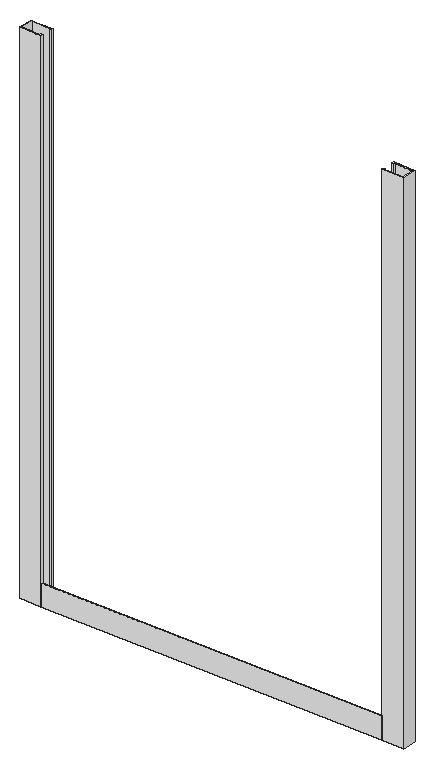
Revit family "Roller_Shades-Lutron-Shade_Side_Channels", category Specialty Equipment, host Face, Revit 2017
Family settings
  Host = Face
  Round Connector Dimension = Use Diameter
  Part Type = Normal
  OmniClass Number = 23.30.60.14.21
  OmniClass Title = Shades
  Cut with Voids When Loaded = Yes
  Shared = No
  Room Calculation Point = No
Parameters (values of type "1.5'' Channel")
  Warranty URL = "http://www.lutron.com/en-US/Service-Support/Pages/Service/Warranty/Warranty.aspx"
  Video Link = "https://www.youtube.com/user/LutronElectronicsInc"
  Version = "2017 - v1.0a"  # constant formula
  Unit Size = "1.5'' Specialty"
  URL = "http://www.lutron.com"
  Type Comments = ""
  Support Phone = "(224) 699-9545"  # constant formula
  Support Email = "mailto: support@anguleris.com"
  Series = "Shade Side Channels"
  Product Page URL = "http://www.lutron.com/TechnicalDocumentLibrary/QED%20Side%20Channel.pdf"
  Product Name = "Metal Roller Shade Side Channels"
  Product Documentation Link = "http://www.lutron.com/TechnicalDocumentLibrary/QED%20Side%20Channel.pdf"
  Overall Width [instance] = 2' - 0"
  Overall Height [instance] = 3' - 0"
  Overall Depth [instance] = 0' - 1"  # constant formula
  Model = "Manual Shade"
  Manufacturer Phone Number = "610-282-3800"  # constant formula
  Manufacturer Fax Number = "610-282-1243"  # constant formula
  Manufacturer Email = "mailto:support@lutron.com"
  Manufacturer Address = "7200 Suter Rd, Coopersburg, PA 18036"  # constant formula
  Manufacturer = "Lutron Electronics Co., Inc"  # constant formula
  Lineal Requirements [instance] = ""
  Keynote = ""
  Instruction Sheet Link = "http://www.lutron.com/TechnicalDocumentLibrary/QED%20Side%20Channel.pdf"
  Include Sill Angle [instance] = yes
  Fire Rating [instance] = "Based on Fabric Selection"
  Finish [instance] = Metal - Lutron - White
  Fabric Options [instance] = "www.lutron.com/fabrics"
  Fabric Collection [instance] = "www.lutron.com/fabrics"
  Description = "Metal Roller Shade Side Channels"
  Default Elevation = 0' - 0"
  Cost Info = "mailto:sales@lutron.com"
  Cost = 0
  Copyright = "© 2019 Lutron Electronics Co., Inc."  # constant formula
  Control Technology [instance] = ""
  Channel Size = 0' - 1 1/2"
  Sill Size [instance] = 0' - 1 1/2"
  Assembly Code = "E2010320"
Types (3): name | Unit Size | Fabric Options | Fabric Collection | Channel Size | Sill Size
  1.5'' Channel | "1.5'' Specialty" | "www.lutron.com/fabrics" | "www.lutron.com/fabrics" | 0' - 1 1/2" | 0' - 1 1/2"
  2.5'' Channel | "Standard" | "" | "" | 0' - 2 1/2" | 0' - 2 1/2"
  3.5'' Channel | "3.5'' Specialty" | "" | "" | 0' - 3 1/2" | 0' - 3 1/2"
Reference planes (in)
  plane 1 "Center (Front/Back)": y = 0
  plane 2: z = 0
  plane 3 "Center (Left/Right)": x = 0
  plane 4: z = 0
  plane 5: z = 0
  plane 6: x = -12
  plane 7: x = 12
  plane 8: z = 36
  plane 9: x = -13.5
  plane 10: x = 13.5
  plane 11: z = 1.5
Forms (in)
  Extrusion 1, void
    sketch origin (0, 0, 0) x (1, 0, 0) y (0, 0, 1)
      loop
        line (-13.5, 36) -> (-13.5, 0) -> (13.5, 0) -> (13.5, 36) -> (-13.5, 36)
    from -0.5 to 0.5
  Sweep 2, solid, material "Metal - Lutron - White" <- "Finish", detail levels fine
    path origin (0, 0, 0) x (1, 0, 0) y (0, 0, 1)
      loop
        line (0, 36) -> (0, 0)
    profile origin (0, 0, 18) x (0, -1, 0) y (1, 0, 0)
      loop
        line (-0.5, -13.5) -> (0.5, -13.5) -> (0.5, -12) -> (0.40298, -12) -> (0.40298, -12.11824) -> (0.43528, -12.11824) -> (0.43528, -13.43302) -> (-0.43528, -13.43302) -> (-0.43528, -12.11824) -> (-0.40298, -12.11824) -> (-0.40298, -12) -> (-0.5, -12) -> (-0.5, -13.5)
      loop
        line (-0.5, 13.5) -> (-0.5, 12) -> (-0.40298, 12) -> (-0.40298, 12.11824) -> (-0.43528, 12.11824) -> (-0.43528, 13.43302) -> (0.43528, 13.43302) -> (0.43528, 12.11824) -> (0.40298, 12.11824) -> (0.40298, 12) -> (0.5, 12) -> (0.5, 13.5) -> (-0.5, 13.5)
  Extrusion 3, solid, material "Metal - Lutron - White" <- "Finish", visible <- "Include Sill Angle"
    sketch origin (0, 0, 0) x (0, 1, 0) y (0, 0, 1)
      loop
        line (-0.5, 0) -> (0.43528, 0) -> (0.43528, 0.03125) -> (-0.4677, 0.03125) -> (-0.4677, 1.5) -> (-0.5, 1.5) -> (-0.5, 0)
    from -12 to 12
  Extrusion 4, solid, material "Metal - Lutron - White" <- "Finish", detail levels coarse+medium
    sketch origin (0, 0, 2.3478) x (1, 0, 0) y (0, 1, 0)
      loop
        line (-13.5, 0.5) -> (-13.5, -0.5) -> (-12, -0.5) -> (-12, -0.40298) -> (-12.11824, -0.40298) -> (-12.11824, 0.40298) -> (-12, 0.40298) -> (-12, 0.5) -> (-13.5, 0.5)
      loop
        line (13.5, 0.5) -> (12, 0.5) -> (12, 0.40298) -> (12.11824, 0.40298) -> (12.11824, -0.40298) -> (12, -0.40298) -> (12, -0.5) -> (13.5, -0.5) -> (13.5, 0.5)
    from -2.3478 to 33.6522
Lines and regions (in)
  Masking region 1
    outline origin (0, 0, 2.3478) x (1, 0, 0) y (0, 1, 0)
      loop
        line (-13.5, 0.5) -> (-13.5, -0.5) -> (-12, -0.5) -> (-12, 0.5) -> (-13.5, 0.5)
      loop
        line (13.5, 0.5) -> (12, 0.5) -> (12, -0.5) -> (13.5, -0.5) -> (13.5, 0.5)
  Masking region 2
    outline origin (0, 0, 2.3478) x (1, 0, 0) y (0, 1, 0)
      loop
        line (-12, 0.5) -> (-12, -0.5) -> (12, -0.5) -> (12, 0.5) -> (-12, 0.5)
  Masking region 3, visible <- "Include Sill Angle"
    outline origin (0, 0, 2.3478) x (1, 0, 0) y (0, 1, 0)
      loop
        line (-12, -0.5) -> (12, -0.5) -> (12, -0.4677) -> (-12, -0.4677) -> (-12, -0.5)
  Masking region 4, detail levels fine
    outline origin (0, 0, 2.3478) x (1, 0, 0) y (0, 1, 0)
      loop
        line (-13.43302, 0.43528) -> (-12.11824, 0.43528) -> (-12.11824, 0.40298) -> (-12, 0.40298) -> (-12, 0.5) -> (-13.5, 0.5) -> (-13.5, -0.5) -> (-12, -0.5) -> (-12, -0.40298) -> (-12.11824, -0.40298) -> (-12.11824, -0.43528) -> (-13.43302, -0.43528) -> (-13.43302, 0.43528)
      loop
        line (12.11824, 0.43528) -> (13.43302, 0.43528) -> (13.43302, -0.43528) -> (12.11824, -0.43528) -> (12.11824, -0.40298) -> (12, -0.40298) -> (12, -0.5) -> (13.5, -0.5) -> (13.5, 0.5) -> (12, 0.5) -> (12, 0.40298) -> (12.11824, 0.40298) -> (12.11824, 0.43528)
Dimensions and locks (in)
  locked: level to plane 5 at 0
  equal spacing: plane 6, plane 3 "Center (Left/Right)", plane 7
  "Overall Width": plane 6 to plane 7
  "Overall Height": plane 8 to level
  "Sill Size": plane 11 to level
  "Channel Size": plane 6 to plane 9
  "Channel Size": plane 10 to plane 7
  locked: plane 9 to Sweep 2 sketch curve at 0.06698
  locked: Sweep 2 sketch curve to plane 10 at 0.06698
  Sweep 2 sketch curve to plane 6 to Sweep 2 sketch curve = 0' - 0.11824" locked, 0' - 0" locked  (x2)
  plane 7 to Sweep 2 sketch curve to Sweep 2 sketch curve = 0' - 0" locked, 0' - 0.11824" locked  (x2)
  locked: Extrusion 4 sketch curve to plane 6 at 0.11824
  locked: plane 7 to Extrusion 4 sketch curve at 0.11824
  Sweep 2 sketch curve to Sweep 2 sketch curve to plane 1 "Center (Front/Back)" to Sweep 2 sketch curve to Sweep 2 sketch curve = 0' - 0.06472" locked, 0' - 0.43528" locked, 0' - 0.43528" locked, 0' - 0.06472" locked
  Extrusion 3 sketch curve to Extrusion 3 sketch curve to plane 1 "Center (Front/Back)" to Extrusion 3 sketch curve = 0' - 0.0323" locked, 0' - 0.4677" locked, 0' - 0.43528" locked
  Extrusion 4 sketch curve to Extrusion 4 sketch curve to plane 1 "Center (Front/Back)" to Extrusion 4 sketch curve to Extrusion 4 sketch curve = 0' - 0" locked, 0' - 0 1/2" locked, 0' - 0 1/2" locked, 0' - 0" locked
  aligned and locked: plane 2 to host face
  aligned and locked: level to host face
  aligned and locked: Extrusion 1 sketch curve to plane 10
  aligned and locked: Extrusion 1 sketch curve to plane 8
  aligned and locked: Extrusion 1 sketch curve to plane 9
  aligned and locked: level to Extrusion 1 sketch curve
  aligned and locked: Sweep 2 sketch curve to plane 3 "Center (Left/Right)"
  aligned and locked: level to Sweep 2 sketch curve
  aligned and locked: plane 8 to Sweep 2 sketch curve
  aligned and locked: Extrusion 3 sketch curve to plane 11
  aligned and locked: Extrusion 3 to plane 6
  aligned and locked: plane 7 to Extrusion 3
  aligned and locked: plane 9 to Extrusion 4 sketch curve
  aligned and locked: plane 6 to Extrusion 4 sketch curve  (x2)
  aligned and locked: plane 7 to Extrusion 4 sketch curve  (x2)
  aligned and locked: Extrusion 4 sketch curve to plane 10
  aligned and locked: Extrusion 4 to level
  aligned and locked: plane 8 to Extrusion 4
  aligned and locked: Masking region 1 sketch curve to plane 6
  aligned and locked: Masking region 1 sketch curve to plane 9
  aligned and locked: plane 10 to Masking region 1 sketch curve
  aligned and locked: Masking region 1 sketch curve to plane 7
  aligned and locked: Masking region 2 sketch curve to plane 7
  aligned and locked: plane 6 to Masking region 2 sketch curve
  aligned and locked: plane 7 to Masking region 3 sketch curve
  aligned and locked: Masking region 3 sketch curve to plane 6
  aligned and locked: plane 6 to Masking region 4 sketch curve  (x2)
  aligned and locked: plane 9 to Masking region 4 sketch curve
  aligned and locked: Masking region 4 sketch curve to plane 7  (x2)
  aligned and locked: plane 10 to Masking region 4 sketch curve
Automatic sketch dimensions
  host sketch curve to host sketch curve = 2' - 9.39985"
  host sketch curve to host sketch curve = 0' - 6.0522"
  Sweep 2 sketch curve to Sweep 2 sketch curve = 0' - 0.06472"  (x3)
  Sweep 2 sketch curve to Sweep 2 sketch curve = 0' - 0.0323"  (x3)
  plane 1 "Center (Front/Back)" to Sweep 2 sketch curve = 0' - 0.40298"
  Sweep 2 sketch curve to Sweep 2 sketch curve = 0' - 0.09702"
  Sweep 2 sketch curve to Sweep 2 sketch curve = 0' - 0.06698"  (x2)
  Extrusion 4 sketch curve to Extrusion 4 sketch curve = 0' - 0.09702"  (x2)
  Extrusion 4 sketch curve to plane 1 "Center (Front/Back)" = 0' - 0.40298"  (x2)
  Extrusion 3 sketch curve to level = 0' - 0"
  level to Extrusion 3 sketch curve = 0' - 0 1/32"
  plane 1 "Center (Front/Back)" to Masking region 1 sketch curve = 0' - 0 1/2"  (x2)
  Masking region 1 sketch curve to plane 1 "Center (Front/Back)" = 0' - 0 1/2"  (x2)
  plane 1 "Center (Front/Back)" to Masking region 2 sketch curve = 0' - 0 1/2"
  Masking region 2 sketch curve to plane 1 "Center (Front/Back)" = 0' - 0 1/2"
  plane 1 "Center (Front/Back)" to Masking region 3 sketch curve = 0' - 0 1/2"
  Masking region 3 sketch curve to Masking region 3 sketch curve = 0' - 0.0323"
  Masking region 4 sketch curve to plane 9 = 0' - 0.06698"
  Masking region 4 sketch curve to plane 6 = 0' - 0.11824"  (x2)
  plane 1 "Center (Front/Back)" to Masking region 4 sketch curve = 0' - 0 1/2"  (x2)
  Masking region 4 sketch curve to Masking region 4 sketch curve = 0' - 0.06472"  (x3)
  Masking region 4 sketch curve to Masking region 4 sketch curve = 0' - 0.09702"  (x2)
  Masking region 4 sketch curve to plane 1 "Center (Front/Back)" = 0' - 0.40298"  (x2)
  Masking region 4 sketch curve to plane 1 "Center (Front/Back)" = 0' - 0.43528"  (x2)
  plane 7 to Masking region 4 sketch curve = 0' - 0.11824"  (x2)
  Masking region 4 sketch curve to plane 10 = 0' - 0.06698"
  Masking region 4 sketch curve to Masking region 4 sketch curve = 0' - 0.0323"
